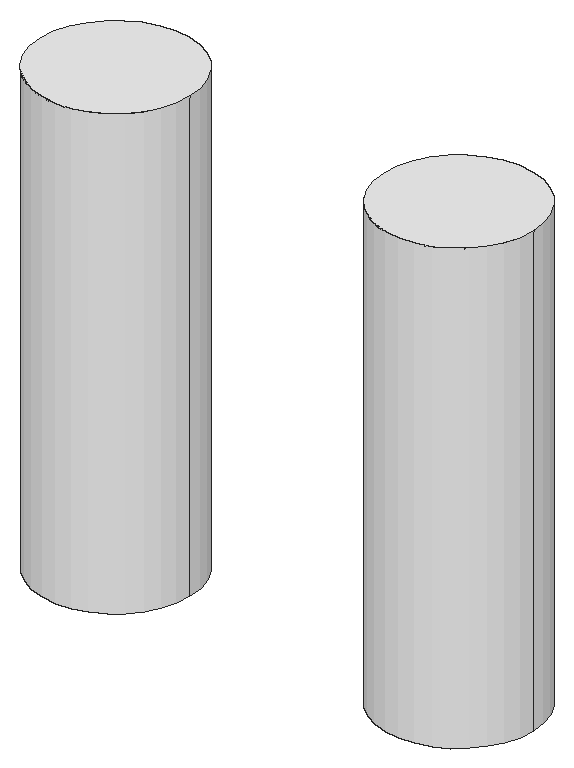
Revit family "563622030037", category Plumbing Fixtures, Revit 2017
Family settings
  Round Connector Dimension = Use Diameter
  Part Type = Normal
  OmniClass Number = 23.45.55.00
  OmniClass Title = Sanitary Faucets, Wastes
  Work Plane-Based = No
  Always vertical = Yes
  Cut with Voids When Loaded = No
  Shared = No
  Room Calculation Point = No
Parameters (values of type "563622030037 Washbasin faucet")
  WorkingPressure = "50 - 1000 kPa"
  WarrantyStartDate [instance] = "n/a"
  WarrantyGuarantorParts = "n/a"
  WarrantyGuarantorLabor = "n/a"
  WarrantyDurationUnit = "Year"
  WarrantyDurationParts = "n/a"
  WarrantyDurationLabor = "n/a"
  WarrantyDescription = "http://warranty.hansa.com"
  VersionDate = "30/07/2019"  # constant formula
  Version = "1"  # constant formula
  ValvePattern = "n/a"
  ValveOperation = "n/a"
  ValveMechanism = "n/a"
  Uniclass2015Reference = "Pr_40_30_96_07"
  Uniclass2015Description = "Bath manual water supply sets"
  Uniclass2 = "Pr_40_20_87_07"
  URL Global Mark = "http://static.hansa.com/Globalmark/563622030037"
  URL = ""
  TestPressure = "n/a"
  TagNumber [instance] = "n/a"
  SustainabilityPerformance = "n/a"
  Spout Type = "Fixed spout"
  Spare Parts = "http://static.hansa.com/sp/563622030037"
  Size = "50x135x135 mm"
  Shape = "Sculptured"
  SerialNumber [instance] = "n/a"
  Revision = "n/a"
  ReplacementCost = "n/a"
  Projection = 102 mm
  ProductInformation = "n/a"
  Product URL = "http://static.hansa.com/563622030037"
  Product Image URL = "http://static.hansa.com/image/563622030037"
  Product Family = "HANSAPALENO"
  Product Datasheet = "http://www.hansa.com/datasheet/563622030037/en"
  Product Code = "563622030037"
  Pipes = "Flexible inlet pipes"
  Package external Dimensions = "540 x 146 x 59"
  Package Weight = "1.330 kg"
  OperatingMechanismMaterial = "n/a"
  NominalWidth = 48.9 mm
  NominalHeight = 136 mm
  NominalDepth = 137.1 mm
  Noise Class = "I (ISO 3822)"
  Name_en = "563622030037 Washbasin faucet"
  Name = "563622030037 Washbasin faucet"
  NBSReference = "45-35-70/315"
  NBSDescription = "Water supply fittings for baths"
  Mounting Holes = "1 mounting hole"
  ModelReference = "563622030037"
  ModelNumber = "n/a"
  Model = "563622030037 Washbasin faucet"
  Max. Hot Water Supply = 90 °C
  Material = "Brass"
  Market = "INT;AUS"
  ManufacturerName = "Hansa"
  Manufacturer = "Hansa"
  ManufacterURL = "http://www.hansa.com/"
  Lever Handle = "Lever with H+C symbol"
  InstallationDate [instance] = "n/a"
  Installation and Maintenance = "http://static.hansa.com/manual/563622030037"
  Installation Type = "Deck mounted"
  InletConnectionSize = 10 mm
  IfcExportType = "FAUCET"  # constant formula
  IfcExportAs = "IfcValveType"  # constant formula
  Group = "Washbasin faucets"
  Grade = "n/a"
  FlowCoefficient = 0
  Flow Rate At 300kPa With Flow Controller = 0.1 L/s
  Flow Drawing URL = "http://static.hansa.com/flowchart/563622030037"
  Finish = "Polished"
  Features = "Single lever"
  FaucetMainMaterial = Brass
  FDV Document URL = "http://www.hansa.com/datasheet/563622030037/en/fdv"
  Extensions = "Without popup waste"
  ExpectedLife = "n/a"
  EN Standard = "EN 817"
  EAN Number = "4057304012068"
  DurationUnit = "Year"
  Dimension Drawing URL = "http://static.hansa.com/dimdrw/563622030037"
  Description = ""
  DefaultElevation [instance] = 900 mm
  DN Size = "DN15"
  Customs Code = "84818011"
  ConvergoRefNr = "0087-1909-0142-FI"
  Constituents = "n/a"
  Connection Size = "G1/2"
  Color = "Chrome"
  CodePerformance = "n/a"
  CloseOffRating = 0
  Class = "Single lever"
  Category = "Bathroom"
  Catalog Drawing URL = "http://static.hansa.com/catdrw/563622030037"
  Brand = "Hansa"
  BodyMaterial = "Brass"
  Barcode [instance] = "n/a"
  BIMObjectName = "563622030037"
  Author = "Convergo AB"  # constant formula
  AssetType = "Fixed"
  AssetIdentifier [instance] = "n/a"
  AccessibilityPerformance = "n/a"
Reference planes
  plane 1 "Center (Front/Back)": y = 0
  plane 2: z = 0
  plane 3 "Center (Left/Right)": x = 0
  plane 4: x = -24.45
  plane 5: z = 900
  plane 6: z = 870
  plane 7: y = -137.1
  plane 8: x = 24.45
  plane 9: z = 1036
Forms (mm)
  Extrusion 1, solid, material "Brass" <- "FaucetMainMaterial"
    sketch origin (-44.989, 12.403, 0) x (1, 0, 0) y (0, 1, 0)
      loop
        circle (33.489, -36) r 5
      loop
        circle (56.489, -36) r 5
    from 870 to 900
Dimensions and locks
  "DefaultElevation": plane 5 to level
  locked: plane 5 to plane 6 at 30
  "NominalDepth": plane 7 to plane 1 "Center (Front/Back)"
  "NominalHeight": plane 9 to plane 5
  equal spacing: plane 4, plane 3 "Center (Left/Right)", plane 8
  "NominalWidth": plane 4 to plane 8
  "InletConnectionSize": diameter of Extrusion 1 sketch curve  (x2)
  aligned and locked: level to plane 2
  aligned and locked: plane 5 to Extrusion 1
  aligned and locked: Extrusion 1 to plane 6
  aligned and locked: nested 2 to plane 5
Automatic sketch dimensions
  Extrusion 1 sketch curve to plane 3 "Center (Left/Right)" = 11.5 mm
  plane 3 "Center (Left/Right)" to Extrusion 1 sketch curve = 11.5 mm
  plane 1 "Center (Front/Back)" to Extrusion 1 sketch curve = 23.597 mm  (x2)
Nested families
  nested 1: "Symbol" at (0, 0, 0), type "Symbol", detail levels coarse
  nested 2: "563622030037_p" at (0, 0, 900), Main <- "FaucetMainMaterial", type "563622030037_p"
    with Main Brass
Connectors
  piping at (-11.5, -23.597, 870), diameter 10, driven by "InletConnectionSize", driven by "Flow Rate At 300kPa With Flow Controller"
    settings: on Extrusion 1, index 1, connector inside diameter 609.6 mm, connector length 0 mm, flow factor 0, pipe flow 0.1 L/s, pressure drop 0.0 Pa, fitting loss kfactor 0, connector angle 0.00°, fixture units 0, engagement length 0 mm, angle of deflection 0.00°, flow configuration 1, flow direction 1, fitting loss method 0, system type 19, joint type 0, gender type 0, connector reference index -1, connector utility 0, adjustable connector no, is connector primary yes, connector description ""
  piping at (11.5, -23.597, 870), diameter 10, driven by "InletConnectionSize", driven by "Flow Rate At 300kPa With Flow Controller"
    settings: on Extrusion 1, index 2, connector inside diameter 609.6 mm, connector length 0 mm, flow factor 0, pipe flow 0.1 L/s, pressure drop 0.0 Pa, fitting loss kfactor 0, connector angle 0.00°, fixture units 0, engagement length 0 mm, angle of deflection 0.00°, flow configuration 1, flow direction 1, fitting loss method 0, system type 20, joint type 0, gender type 0, connector reference index -1, connector utility 0, adjustable connector no, is connector primary no, connector description ""
Definition of nested family "Symbol"
  Reference planes
    plane 1: y = 0
    plane 2: x = 0
  Lines and regions (mm)
    detail lines
      curve 1: line (0, 0, 0) -> (0, -1.8, 0)
      curve 2: line (-0.4, -1.1, 0) -> (0.4, -1.1, 0)
      curve 3: line (-0.4, -1.4, 0) -> (0.4, -1.4, 0)
      curve 4: line (0.863, 0, 0) -> (-0.863, 0, 0)
      curve 5: circle (-1.163, 0, 0) r 0.3 normal (0, 0, -1)
      curve 6: circle (1.163, 0, 0) r 0.3 normal (0, 0, 1)
